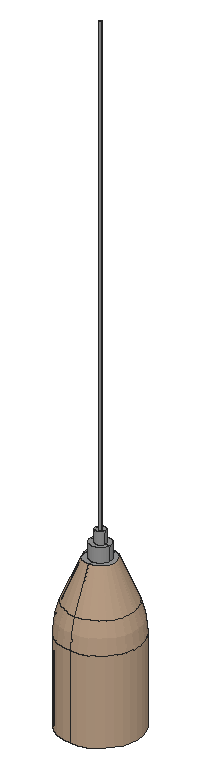
Revit family "Bommel Bottle Lamp - Birch", category Lighting Fixtures, host Ceiling, Revit 2020
Family settings
  Host = Ceiling
  Round Connector Dimension = Use Diameter
  Part Type = Normal
  OmniClass Number = 23.80.70.11
  OmniClass Title = Luminaries for Internal Lighting
  Always vertical = Yes
  Cut with Voids When Loaded = No
  Light Source = Yes
  Shared = No
  Room Calculation Point = No
Parameters
  Width = 0
  Wattage = 12.1178 W
  WarrantyPeriod = 0
  WarrantyGuarantorParts = ""
  WarrantyGuarantorLabor = ""
  WarrantyDurationParts = 0
  WarrantyDurationLabor = 0
  WarrantyDescription = ""
  WarrantyContent = ""
  built-in parameter 1150110 = 1 (stored number, unit not read)
  VisibleLightTransmittance = ""
  built-in parameter 1114217 = 1 (stored number, unit not read)
  built-in parameter 1150109 = 1 (stored number, unit not read)
  built-in parameter 1150134 = (empty or 0)
  built-in parameter 1150113 = 1 (stored number, unit not read)
  Size = ""
  Shape = ""
  ReplacementCost = 0
  Reference = ""
  NominalWidth = 0
  NominalLength = 0
  NominalHeight = 0
  ModelReference = ""
  ModelLabel = ""
  MaterialFrame = ""
  Material = ""
  Lumens = 1800 lm
  built-in parameter 1010506 = 0.5236 (stored number, unit not read)
  built-in parameter 1010507 = 1.5708 (stored number, unit not read)
  Tilt Angle = 90.00°
  built-in parameter 1150115 = 1 (stored number, unit not read)
  built-in parameter 1150105 = 6018.4 (stored number, unit not read)
  Light Source Symbol Length = 10' - 0"
  built-in parameter 1150137 = (empty or 0)
  built-in parameter 1150139 = (empty or 0)
  built-in parameter 1150112 = 1 (stored number, unit not read)
  built-in parameter 1150114 = 1 (stored number, unit not read)
  IsExtendedWarranty = 0
  built-in parameter 1150132 = 2
  built-in parameter 1150102 = (empty or 0)
  built-in parameter 1150138 = (empty or 0)
  built-in parameter 1150107 = 3000 (stored number, unit not read)
  built-in parameter 1150106 = 60.184 (stored number, unit not read)
  Height = 0
  GlobalTradeItemNumber = ""
  Finish = ""
  Features = ""
  ExpectedLife = ""
  built-in parameter 1150104 = 13.8 (stored number, unit not read)
  DurabilityRating = ""
  Dimming Lamp Color Temperature Shift = <None>
  Default Elevation = 0' - 0"
  CreatedBy = ""
  ConstructionMethod = ""
  Color Filter = 16777215
  Color = ""
  CodePerformance = ""
  CoatingFrame = ""
  BatchReference = ""
  BarCode = 0
  built-in parameter 1114218 = 1 (stored number, unit not read)
  built-in parameter 1150133 = 10 (stored number, unit not read)
  AssemblyPlace = ""
  ArticleNumber = ""
  Area = 0
  AccessibilityPerformance = ""
Reference planes (in)
  plane 1 "Light Source Axis (F/B)": y = 0
  plane 2 "Ceiling": z = 96
  plane 3 "Light Source Axis (L/R)": x = 0
  plane 4 "Light Source Elevation": z = 65.41385
  plane 5: z = 71.29986
  plane 6: z = 63.54986
Forms (in)
  Revolve 1, solid
    sketch origin (0, 0, -20.70277) x (0, 1, 0) y (0, 0, 1)
      loop
        line (0, 92.00263) -> (0, 91.95246) -> (0.74209, 91.95246) -> (1.5829, 89.94873)
        arc (1.5829, 89.94873) -> (1.80125, 89.23778) -> (1.875, 88.49772) r 3.75
        line (1.875, 88.49772) -> (1.875, 84.25263) -> (1.92188, 84.25263) -> (1.92188, 88.49772)
        arc (1.92188, 88.49772) -> (1.8472, 89.24703) -> (1.62612, 89.96687) r 3.79688
        line (1.62612, 89.96687) -> (0.77187, 92.00263) -> (0, 92.00263)
      axis (0, 92.00263) -> (0, 84.25263)
    angle from 0 to 360
  Revolve 2, solid
    sketch origin (0, 0, 0) x (1, 0, 0) y (0, 0, 1)
      loop
        line (0, 71.29986) -> (0, 71.99721) -> (-0.5, 71.99721) -> (-0.5, 71.29986) -> (0, 71.29986)
      axis (0, 71.99721) -> (0, 71.29986)
    angle from 0 to 360
  Revolve 3, solid
    sketch origin (0, 0, 0.69735) x (1, 0, 0) y (0, 0, 1)
      loop
        line (0, 71.29986) -> (0, 71.87988) -> (-0.25, 71.87988) -> (-0.25, 71.29986) -> (0, 71.29986)
      axis (0, 71.87988) -> (0, 71.29986)
    angle from 0 to 360
  Revolve 4, solid
    sketch origin (0, 0, 0) x (1, 0, 0) y (0, 0, 1)
      loop
        line (0, 72.57723) -> (0, 96) -> (-0.06648, 96) -> (-0.06648, 72.57723) -> (0, 72.57723)
      axis (0, 96) -> (0, 72.57723)
    angle from 0 to 360
  Revolve 5, solid
    sketch origin (0, 0, 0) x (0, 1, 0) y (0, 0, 1)
      loop
        line (0.36767, 71.2497) -> (0, 71.2497) -> (0, 67.42669)
        arc (0, 67.42669) -> (1.02108, 68.17416) -> (0.83447, 69.42575) r 1.2236
        spline (0.83447, 69.42575) -> (0.61012, 69.7288) -> (0.45674, 69.98553) -> (0.36293, 70.20062) -> (0.31732, 70.37876) -> (0.30849, 70.52463) -> (0.32508, 70.64294) -> (0.35567, 70.73835) -> (0.38893, 70.81578) -> (0.41496, 70.88658) -> (0.42552, 70.96964) -> (0.41247, 71.08425) -> (0.36767, 71.2497)
      axis (0, 71.2497) -> (0, 67.42669)
    angle from 0 to 360
Text (in)
  text "0 Tilt Angle" at (-58.35608, 9.29162, 84), in view "Ref. Level"
  text "180 Tilt Angle" at (25.71096, 9.29162, 84), in view "Ref. Level"
Dimensions and locks (in)
  equal spacing: host sketch curve, plane 3 "Light Source Axis (L/R)", host sketch curve
  equal spacing: host sketch curve, plane 1 "Light Source Axis (F/B)", host sketch curve
  host sketch curve to host sketch curve = 10' - 0"  (x2)
  plane 6 to plane 5 = 0' - 7 3/4"
  aligned and locked: plane 1 "Light Source Axis (F/B)" to imposter light
  aligned and locked: plane 4 "Light Source Elevation" to imposter light
  aligned and locked: plane 5 to Revolve 2
  aligned and locked: Revolve 2 to Revolve 3
  aligned and locked: Revolve 1 to plane 6
